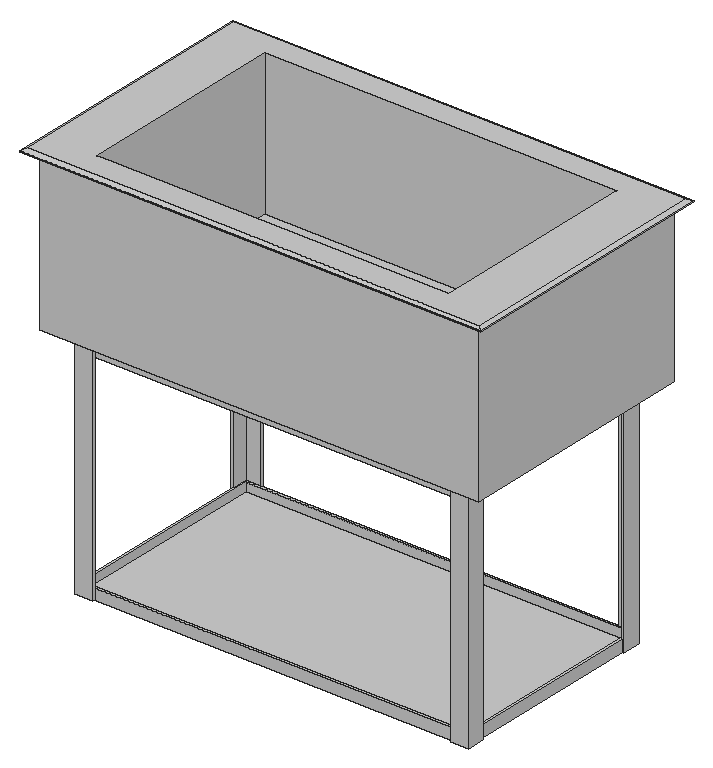
Revit family "QF_VOLLRATH_FC-4CP-01120-RFF", category Specialty Equipment, Revit 2016
Family settings
  Part Type = Normal
  Round Connector Dimension = Use Diameter
  OmniClass Number = 23.40.40.14.24.14
  OmniClass Title = Service Line Equipment
  Work Plane-Based = Yes
  Always vertical = Yes
  Cut with Voids When Loaded = Yes
  Shared = No
  Room Calculation Point = No
Parameters (values of type "FC-4CP-01120-RFF")
  Weight in Pounds = 101
  Watts = 384 W
  Waste Water Discharge Temperature [instance] = 0 °F
  Waste Remarks = ""
  Volts = 120 V
  URL Cutsheet = "www.vollrathfoodservice.com"
  URL = "www.vollrathfoodservice.com"
  Status [instance] = ""
  Specification by User [instance] = ""
  Specification by Manufacturer = ""
  Serial Number = ""
  Seismic Rating = ""
  SMACNA No = ""
  Revision Code [instance] = ""
  Plumbing Remarks [instance] = ""
  Plumbing Connection Type [instance] = ""
  Phase = 1
  Number of Poles = 1
  NAFEM Spec ID Number = ""
  Model = "FC-4CP-01120-RFF"
  Min Ckt Ampacity = 0 A
  Max Overcurrent Protection = 10 A
  Masterspec = ""
  Manufacturer = "VOLLRATH US"
  Item Number [instance] = ""
  Installed By [instance] = ""
  Identify Quantity as Lot [instance] = no
  HP = "0.5"
  Furnished By [instance] = ""
  Foodservice Equipment Identifier [instance] = yes
  FL Amps = 3.2 A
  Electrical Remarks [instance] = ""
  Electric Connection Type [instance] = "Plug&Receptacle"
  Elec Conn RI Height [instance] = 0"
  Elec Conn Connection Height [instance] = 0"
  Direct Waste Size = 1"
  Direct Waste RI Height = 0"
  Direct Waste Flow = 0 GPM
  Direct Waste Connection Height = 0"
  Description = "ONE-WELL 120-VOLT STANDARD REFRIGERATED MODULAR DROP-IN COLD WELL WITH FLAT FLANGE"
  Default Elevation = 0"
  Cycle = 60 Hz
  Conn Plug = "NEMA 5-15P"
  Conn Conduit [instance] = no
  CSI MasterFormat = ""
  Author = ""
  Assembly Code = "E1090320"
  Apparent Power = 384 VA
Reference planes (in)
  plane 1 "Back": y = 0
  plane 2: z = 0
  plane 3 "Left": x = 0
  plane 4 "Front": y = -15
  plane 5 "Top": z = 0
  plane 6 "Right": x = 26
Forms (in)
  Extrusion 1, solid
    sketch origin (0, 0, 2.308) x (1, 0, 0) y (0, 1, 0)
      loop
        line (22.9375, -1.5625) -> (3.0625, -1.5625) -> (3.0625, -13.4375) -> (22.9375, -13.4375) -> (22.9375, -1.5625)
      loop
        circle (20.96389, -3.55414) r 0.75
    from -11.375 to -10.305
  Extrusion 2, solid
    sketch origin (5.95684, -174.6095, -22.25) x (-1, 0, 0) y (0, -1, 0)
      loop
        line (-18.01191, -161.2345) -> (-17.13691, -161.2345) -> (-17.13691, -161.1095) -> (-18.13691, -161.1095) -> (-18.13691, -162.1095) -> (-18.01191, -162.1095) -> (-18.01191, -161.2345)
      loop
        line (3.92559, -161.2345) -> (3.92559, -162.1095) -> (4.05059, -162.1095) -> (4.05059, -161.1095) -> (3.05059, -161.1095) -> (3.05059, -161.2345) -> (3.92559, -161.2345)
      loop
        line (-18.01191, -172.9845) -> (-18.01191, -172.1095) -> (-18.13691, -172.1095) -> (-18.13691, -173.1095) -> (-17.13691, -173.1095) -> (-17.13691, -172.9845) -> (-18.01191, -172.9845)
      loop
        line (3.92559, -172.9845) -> (3.05059, -172.9845) -> (3.05059, -173.1095) -> (4.05059, -173.1095) -> (4.05059, -172.1095) -> (3.92559, -172.1095) -> (3.92559, -172.9845)
    from -0.125 to 13.183
  Extrusion 3, solid
    sketch origin (5.95684, -174.7345, -22.375) x (-1, 0, 0) y (0, -1, 0)
      loop
        line (3.92559, -173.1095) -> (3.92559, -161.3595) -> (-18.01191, -161.3595) -> (-18.01191, -173.1095) -> (3.92559, -173.1095)
    from 0 to 0.125
  Extrusion 4, solid
    sketch origin (8.28434, -13.375, -22.25) x (1, 0, 0) y (0, 0, -1)
      loop
        line (-6.25309, -13.183) -> (15.68441, -13.183) -> (15.68441, -12.183) -> (-6.25309, -12.183) -> (-6.25309, -13.183)
    from 0 to 0.125
  Extrusion 5, solid
    sketch origin (8.28434, -1.625, -22.25) x (1, 0, 0) y (0, 0, 1)
      loop
        line (-6.25309, 13.183) -> (-6.25309, 12.183) -> (15.68441, 12.183) -> (15.68441, 13.183) -> (-6.25309, 13.183)
    from 0 to 0.125
  Extrusion 6, solid
    sketch origin (2.03125, -15.531, -22.25) x (0, -1, 0) y (0, 0, -1)
      loop
        line (-3.031, -13.183) -> (-3.031, -12.183) -> (-4.156, -12.183) -> (-4.156, -13.183) -> (-3.031, -13.183)
      loop
        line (-13.031, -13.183) -> (-11.906, -13.183) -> (-11.906, -12.183) -> (-13.031, -12.183) -> (-13.031, -13.183)
    from 0 to -0.125
  Extrusion 7, void
    sketch origin (0, 0, 0) x (1, 0, 0) y (0, 1, 0)
      loop
        line (25.625, -0.375) -> (0.375, -0.375) -> (0.375, -14.625) -> (25.625, -14.625) -> (25.625, -0.375)
    from 3.27425 to -22.375
  Extrusion 8, solid
    sketch origin (23.96875, -15.531, -22.25) x (0, -1, 0) y (0, 0, 1)
      loop
        line (-3.031, 13.183) -> (-4.156, 13.183) -> (-4.156, 12.183) -> (-3.031, 12.183) -> (-3.031, 13.183)
      loop
        line (-13.031, 13.183) -> (-13.031, 12.183) -> (-11.906, 12.183) -> (-11.906, 13.183) -> (-13.031, 13.183)
    from 0 to -0.125
  Extrusion 9, solid
    sketch origin (0, 0, 0) x (1, 0, 0) y (0, 1, 0)
      loop
        line (0.625, -0.625) -> (0.625, -14.375) -> (25.375, -14.375) -> (25.375, -0.625) -> (0.625, -0.625)
      loop
        line (3.0625, -1.5625) -> (3.0625, -13.4375) -> (22.9375, -13.4375) -> (22.9375, -1.5625) -> (3.0625, -1.5625)
    from 0 to 0.14643
  Extrusion 10, solid
    sketch origin (0, 0, 0) x (1, 0, 0) y (0, 1, 0)
      loop
        line (0.625, -0.625) -> (0.625, -14.375) -> (25.375, -14.375) -> (25.375, -0.625) -> (0.625, -0.625)
      loop
        line (22.9375, -13.4375) -> (22.9375, -1.5625) -> (3.0625, -1.5625) -> (3.0625, -13.4375) -> (22.9375, -13.4375)
    from -9.067 to 0
  Extrusion 11, solid
    sketch origin (0, 0, 0) x (1, 0, 0) y (0, 1, 0)
      loop
        circle (20.96389, -3.55414) r 0.5
      loop
        circle (20.96389, -3.55414) r 0.75
    from -9.067 to -7.997
  Sweep 12, solid
    path origin (0, 0, 0) x (1, 0, 0) y (0, 1, 0)
      loop
        line (0.34375, -0.34375) -> (0.34375, -14.65625) -> (25.65625, -14.65625) -> (25.65625, -0.34375) -> (0.34375, -0.34375)
    profile origin (13, -0.34375, 0) x (0, 1, 0) y (0, 0, 1)
      loop
        line (0.34375, 0) -> (0.34375, 0.04297) -> (0.1, 0.14643) -> (-0.28125, 0.14643) -> (-0.28125, 0) -> (0.34375, 0)
  Extrusion 13, solid
    sketch origin (0, 0, 0.01778) x (1, 0, 0) y (0, 1, 0)
      loop
        circle (21, -7.5) r 0.25
    from -9.33478 to -9.08478
  Extrusion 14, solid
    sketch origin (0, 0, 0) x (1, 0, 0) y (0, 1, 0)
      loop
        line (2.03125, -13.375) -> (23.96875, -13.375) -> (23.96875, -1.625) -> (2.03125, -1.625) -> (2.03125, -13.375)
      loop
        line (23.84375, -1.75) -> (2.15625, -1.75) -> (2.15625, -13.25) -> (23.84375, -13.25) -> (23.84375, -1.75)
    from -22.25 to -21.75
Cuts and joins
  joined: Extrusion 1, Extrusion 9, Extrusion 10, Sweep 12
  joined: Extrusion 3, Extrusion 14
Lines and regions (in)
  symbolic lines, style "200-EquipBorder-2D"
    curve 1: line (26, 0, 0) -> (0, 0, 0)
    curve 2: line (26, -15, 0) -> (26, 0, 0)
    curve 3: line (0, 0, 0) -> (0, -15, 0)
    curve 8: line (0, -15, 0) -> (26, -15, 0)
  symbolic lines, style "200-EquipInternal-2D"
    curve 4: line (22.9375, -1.5625, 0) -> (3.0625, -1.5625, 0)
    curve 5: line (22.9375, -13.4375, 0) -> (22.9375, -1.5625, 0)
    curve 6: line (3.0625, -13.4375, 0) -> (22.9375, -13.4375, 0)
    curve 7: line (3.0625, -1.5625, 0) -> (3.0625, -13.4375, 0)
    curve 9: arc (20.46389, -3.55414, 0) -> (20.96389, -3.05414, 0) -> (21.46389, -3.55414, 0) r 0.5
    curve 10: arc (21.46389, -3.55414, 0) -> (20.96389, -4.05414, 0) -> (20.46389, -3.55414, 0) r 0.5
    curve 11: arc (20.21389, -3.55414, 0) -> (20.96389, -2.80414, 0) -> (21.71389, -3.55414, 0) r 0.75
    curve 12: arc (21.71389, -3.55414, 0) -> (20.96389, -4.30414, 0) -> (20.21389, -3.55414, 0) r 0.75
Dimensions and locks (in)
  plane 3 "Left" to plane 6 "Right" = 26"
  plane 4 "Front" to plane 1 "Back" = 15"
  Extrusion 3 sketch curve to Extrusion 3 sketch curve = 21 15/16"
  aligned and locked: level to plane 2
Connectors (in)
  piping at (20.96389, -3.55414, -9.067), diameter 1, driven by "Direct Waste Flow", driven by "Direct Waste Size"
    settings: on Extrusion 1, index 1, connector inside diameter 24", connector length 0", flow factor 0, pipe flow 0 GPM, pressure drop 0.00 psi, fitting loss kfactor 0, connector angle 0.00°, fixture units 0, engagement length 0", angle of deflection 0.00°, flow configuration 1, flow direction 2, fitting loss method 0, system type 16, joint type 0, gender type 0, connector reference index -1, connector utility 0, adjustable connector no, is connector primary yes, connector description "Drain"
  electrical at (21, -7.5, -9.317), driven by "Number of Poles", driven by "Volts", driven by "Apparent Power"
    settings: on Extrusion 13, index 2, voltage 120 V, apparent load 384 VA, apparent load phase1 0 VA, apparent load phase2 0 VA, apparent load phase3 0 VA, power factor 1, load classification "Other", number of poles 1, system type 31, power factor state 1, is connector primary yes, connector utility no, sub classification motor no, connector description "Electrical connection"
